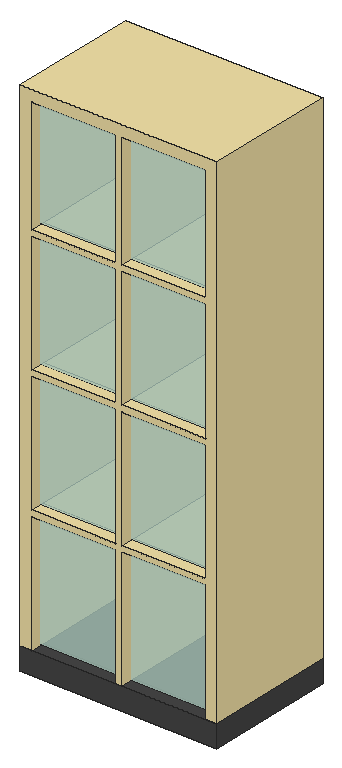
Revit family
Parameters (values of type "900mm x 600mm x 2400mm")
  Largeur = 900 mm
  Hauteur = 2400 mm
  Profondeur = 600 mm
  Assembly Code = ""
Reference planes
  plane 1 "Arrière": y = 0
  plane 2: z = 0
  plane 3 "Centre": x = 18.738
  plane 4 "Gauche": x = -431.262
  plane 5 "Droite": x = 468.738
  plane 6 "Avant": y = -600
  plane 7: y = -50.8
  plane 8: y = -558.8
  plane 9: z = 1825.4
  plane 10: z = 1250.8
  plane 11: z = 676.2
  plane 12 "HAUT": z = 2400
  plane 13: z = 101.6
Forms (mm)
  Extrusion 1, solid, material "Plastique - Noir"
    sketch origin (0, 0, 0) x (1, 0, 0) y (0, 1, 0)
      loop
        line (-431.262, 0) -> (-431.262, -600) -> (468.738, -600) -> (468.738, 0) -> (-431.262, 0)
    from 0 to 101.6
  Extrusion 2, solid, material "Bois - Hêtre"
    sketch origin (-431.262, -600, 101.6) x (0, 0, -1) y (1, 0, 0)
      loop
        line (0, 0) -> (0, 50.8) -> (-549.2, 50.8) -> (-549.2, 437.3) -> (0, 437.3) -> (0, 462.7) -> (-549.2, 462.7) -> (-549.2, 849.2) -> (0, 849.2) -> (0, 900) -> (-2298.4, 900) -> (-2298.4, 0) -> (0, 0)
      loop
        line (-2247.6, 50.8) -> (-1723.8, 50.8) -> (-1723.8, 437.3) -> (-2247.6, 437.3) -> (-2247.6, 50.8)
      loop
        line (-2247.6, 849.2) -> (-2247.6, 462.7) -> (-1723.8, 462.7) -> (-1723.8, 849.2) -> (-2247.6, 849.2)
      loop
        line (-1698.4, 50.8) -> (-1149.2, 50.8) -> (-1149.2, 437.3) -> (-1698.4, 437.3) -> (-1698.4, 50.8)
      loop
        line (-1123.8, 50.8) -> (-574.6, 50.8) -> (-574.6, 437.3) -> (-1123.8, 437.3) -> (-1123.8, 50.8)
      loop
        line (-1698.4, 462.7) -> (-1149.2, 462.7) -> (-1149.2, 849.2) -> (-1698.4, 849.2) -> (-1698.4, 462.7)
      loop
        line (-1123.8, 462.7) -> (-574.6, 462.7) -> (-574.6, 849.2) -> (-1123.8, 849.2) -> (-1123.8, 462.7)
    from -600 to 0
  Extrusion 3, solid, material "Verre givré - Vert"
    sketch origin (-431.262, -600, 101.6) x (0, 0, -1) y (1, 0, 0)
      loop
        line (-2247.6, 50.8) -> (-1723.8, 50.8) -> (-1723.8, 437.3) -> (-2247.6, 437.3) -> (-2247.6, 50.8)
      loop
        line (-2247.6, 462.7) -> (-1723.8, 462.7) -> (-1723.8, 849.2) -> (-2247.6, 849.2) -> (-2247.6, 462.7)
      loop
        line (-1698.4, 50.8) -> (-1149.2, 50.8) -> (-1149.2, 437.3) -> (-1698.4, 437.3) -> (-1698.4, 50.8)
      loop
        line (-1698.4, 462.7) -> (-1149.2, 462.7) -> (-1149.2, 849.2) -> (-1698.4, 849.2) -> (-1698.4, 462.7)
      loop
        line (-1123.8, 50.8) -> (-574.6, 50.8) -> (-574.6, 437.3) -> (-1123.8, 437.3) -> (-1123.8, 50.8)
      loop
        line (-1123.8, 462.7) -> (-574.6, 462.7) -> (-574.6, 849.2) -> (-1123.8, 849.2) -> (-1123.8, 462.7)
      loop
        line (-549.2, 50.8) -> (0, 50.8) -> (0, 437.3) -> (-549.2, 437.3) -> (-549.2, 50.8)
      loop
        line (-549.2, 462.7) -> (0, 462.7) -> (0, 849.2) -> (-549.2, 849.2) -> (-549.2, 462.7)
    from -63.5 to -50.8
  Extrusion 4, solid, material "Verre givré - Vert"
    sketch origin (-590.862, -114.3, 101.6) x (0, 0, -1) y (1, 0, 0)
      loop
        line (-2247.6, 210.4) -> (-1723.8, 210.4) -> (-1723.8, 596.9) -> (-2247.6, 596.9) -> (-2247.6, 210.4)
      loop
        line (-2247.6, 622.3) -> (-1723.8, 622.3) -> (-1723.8, 1008.8) -> (-2247.6, 1008.8) -> (-2247.6, 622.3)
      loop
        line (-1698.4, 210.4) -> (-1149.2, 210.4) -> (-1149.2, 596.9) -> (-1698.4, 596.9) -> (-1698.4, 210.4)
      loop
        line (-1698.4, 622.3) -> (-1149.2, 622.3) -> (-1149.2, 1008.8) -> (-1698.4, 1008.8) -> (-1698.4, 622.3)
      loop
        line (-1123.8, 210.4) -> (-574.6, 210.4) -> (-574.6, 596.9) -> (-1123.8, 596.9) -> (-1123.8, 210.4)
      loop
        line (-1123.8, 622.3) -> (-574.6, 622.3) -> (-574.6, 1008.8) -> (-1123.8, 1008.8) -> (-1123.8, 622.3)
      loop
        line (-549.2, 210.4) -> (0, 210.4) -> (0, 596.9) -> (-549.2, 596.9) -> (-549.2, 210.4)
      loop
        line (-549.2, 622.3) -> (0, 622.3) -> (0, 1008.8) -> (-549.2, 1008.8) -> (-549.2, 622.3)
    from -63.5 to -50.8
Lines and regions (mm)
  Masking region 1
    outline origin (0, 0, 0) x (1, 0, 0) y (0, 1, 0)
      loop
        line (-431.262, 0) -> (-431.262, -600) -> (468.738, -600) -> (468.738, 0) -> (-431.262, 0)
Dimensions and locks
  "Profondeur": plane 6 "Avant" to plane 1 "Arrière"
  "Largeur": plane 4 "Gauche" to plane 5 "Droite"
  equal spacing: plane 4 "Gauche", plane 3 "Centre", plane 5 "Droite"
  "Hauteur": plane 12 "HAUT" to plane 2
  locked: plane 13 to plane 2 at 101.6
  equal spacing: plane 12 "HAUT", plane 9, plane 10, plane 11, plane 13
  aligned and locked: Extrusion 2 to plane 1 "Arrière"
  aligned and locked: plane 12 "HAUT" to Extrusion 2 sketch curve
  aligned and locked: Extrusion 2 sketch curve to Extrusion 2 sketch curve  (x8)
  aligned and locked: Extrusion 1 to plane 2
  aligned and locked: Extrusion 4 sketch curve to Extrusion 4 sketch curve  (x4)
  aligned and locked: Extrusion 3 sketch curve to Extrusion 2  (x4)
  aligned and locked: Extrusion 3 sketch curve to Extrusion 3 sketch curve  (x7)
  aligned and locked: plane 9 to Extrusion 3 sketch curve
  aligned and locked: plane 10 to Extrusion 3 sketch curve
  aligned and locked: plane 11 to Extrusion 3 sketch curve
  aligned and locked: Masking region 1 sketch curve to Extrusion 1  (x4)
Automatic sketch dimensions
  Extrusion 1 sketch curve to plane 4 "Gauche" = 0 mm
  Extrusion 1 sketch curve to plane 5 "Droite" = 0 mm
  Extrusion 1 sketch curve to plane 6 "Avant" = 0 mm
  Extrusion 1 sketch curve to plane 1 "Arrière" = 0 mm
  Extrusion 4 sketch curve to plane 9 = 0 mm
  Extrusion 4 sketch curve to plane 10 = 0 mm
  Extrusion 4 sketch curve to plane 11 = 0 mm
  Extrusion 4 sketch curve to plane 13 = 0 mm
  plane 5 "Droite" to Extrusion 4 sketch curve = 50.8 mm  (x2)
  plane 12 "HAUT" to Extrusion 4 sketch curve = 50.8 mm
  Extrusion 4 sketch curve to plane 3 "Centre" = 12.7 mm  (x4)
  Extrusion 4 sketch curve to Extrusion 4 sketch curve = 0 mm  (x6)
  plane 9 to Extrusion 4 sketch curve = 25.4 mm
  plane 10 to Extrusion 4 sketch curve = 25.4 mm
  plane 11 to Extrusion 4 sketch curve = 25.4 mm
  Extrusion 4 sketch curve to Extrusion 4 sketch curve = 25.4 mm
  Extrusion 4 sketch curve to plane 4 "Gauche" = 50.8 mm  (x3)
  plane 3 "Centre" to Extrusion 4 sketch curve = 12.7 mm  (x4)
  Extrusion 2 sketch curve to plane 9 = 0 mm
  Extrusion 2 sketch curve to plane 10 = 0 mm
  Extrusion 2 sketch curve to plane 11 = 0 mm
  Extrusion 2 sketch curve to plane 13 = 0 mm
  Extrusion 2 sketch curve to plane 4 "Gauche" = 0 mm
  Extrusion 2 sketch curve to plane 5 "Droite" = 0 mm
  plane 3 "Centre" to Extrusion 2 sketch curve = 12.7 mm  (x4)
  Extrusion 2 sketch curve to Extrusion 2 sketch curve = 50.8 mm  (x2)
  Extrusion 2 sketch curve to plane 3 "Centre" = 12.7 mm  (x4)
  plane 9 to Extrusion 2 sketch curve = 25.4 mm
  Extrusion 2 sketch curve to Extrusion 2 sketch curve = 0 mm  (x3)
  plane 10 to Extrusion 2 sketch curve = 25.4 mm  (x2)
  plane 11 to Extrusion 2 sketch curve = 25.4 mm  (x2)
  Extrusion 2 sketch curve to plane 4 "Gauche" = 50.8 mm  (x2)
  plane 5 "Droite" to Extrusion 2 sketch curve = 50.8 mm  (x3)
  Extrusion 3 sketch curve to plane 13 = 0 mm  (x2)
  Extrusion 3 sketch curve to plane 4 "Gauche" = 50.8 mm  (x2)
  Extrusion 3 sketch curve to Extrusion 3 sketch curve = 0 mm  (x4)
  Extrusion 3 sketch curve to plane 3 "Centre" = 12.7 mm  (x4)
  plane 3 "Centre" to Extrusion 3 sketch curve = 12.7 mm  (x4)
  plane 5 "Droite" to Extrusion 3 sketch curve = 50.8 mm  (x2)
